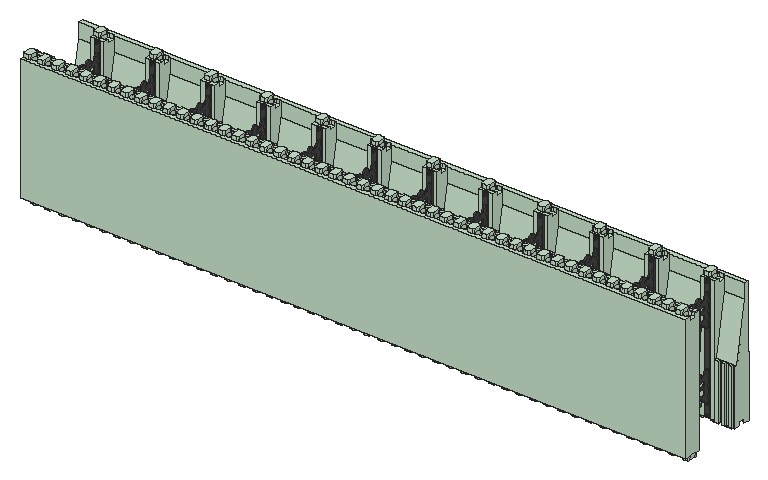
Revit family (continued)
Automatic sketch dimensions
  Extrusion 94 sketch curve to Extrusion 94 sketch curve = 0' - 0.17083"
  Extrusion 94 sketch curve to Extrusion 94 sketch curve = 0' - 0.01665"
  Extrusion 94 sketch curve to Extrusion 94 sketch curve = 0' - 0.14808"
  Extrusion 94 sketch curve to Extrusion 94 sketch curve = 0' - 0.33686"
  Extrusion 94 sketch curve to Extrusion 94 sketch curve = 0' - 0.2216"
  plane 8 to Extrusion 95 sketch curve = 0' - 0.72692"
  plane 4 to Extrusion 95 sketch curve = 2' - 5"
  Extrusion 95 sketch curve to Extrusion 95 sketch curve = 0' - 0.17308"  (x2)
  Extrusion 95 sketch curve to Extrusion 95 sketch curve = 0' - 0"  (x5)
  Extrusion 95 sketch curve to Extrusion 95 sketch curve = 0' - 0 1/4"  (x4)
  Extrusion 95 sketch curve to Extrusion 95 sketch curve = 0' - 0.07692"  (x2)
  Extrusion 95 sketch curve to Extrusion 95 sketch curve = 0' - 0.17323"
  Extrusion 95 sketch curve to Extrusion 95 sketch curve = 0' - 0.01019"
  Extrusion 95 sketch curve to Extrusion 95 sketch curve = 0' - 0.07677"
  Extrusion 95 sketch curve to Extrusion 95 sketch curve = 0' - 0.17083"
  Extrusion 95 sketch curve to Extrusion 95 sketch curve = 0' - 0.01665"
  Extrusion 95 sketch curve to Extrusion 95 sketch curve = 0' - 0.14808"
  Extrusion 95 sketch curve to Extrusion 95 sketch curve = 0' - 0.33686"
  Extrusion 95 sketch curve to Extrusion 95 sketch curve = 0' - 0.2216"
  plane 8 to Extrusion 96 sketch curve = 0' - 0.72692"
  plane 4 to Extrusion 96 sketch curve = 2' - 3"
  Extrusion 96 sketch curve to Extrusion 96 sketch curve = 0' - 0.17308"  (x2)
  Extrusion 96 sketch curve to Extrusion 96 sketch curve = 0' - 0"  (x5)
  Extrusion 96 sketch curve to Extrusion 96 sketch curve = 0' - 0 1/4"  (x4)
  Extrusion 96 sketch curve to Extrusion 96 sketch curve = 0' - 0.07692"  (x2)
  Extrusion 96 sketch curve to Extrusion 96 sketch curve = 0' - 0.17323"
  Extrusion 96 sketch curve to Extrusion 96 sketch curve = 0' - 0.01019"
  Extrusion 96 sketch curve to Extrusion 96 sketch curve = 0' - 0.07677"
  Extrusion 96 sketch curve to Extrusion 96 sketch curve = 0' - 0.17083"
  Extrusion 96 sketch curve to Extrusion 96 sketch curve = 0' - 0.01665"
  Extrusion 96 sketch curve to Extrusion 96 sketch curve = 0' - 0.14808"
  Extrusion 96 sketch curve to Extrusion 96 sketch curve = 0' - 0.33686"
  Extrusion 96 sketch curve to Extrusion 96 sketch curve = 0' - 0.2216"
  plane 8 to Extrusion 97 sketch curve = 0' - 0.72692"
  plane 4 to Extrusion 97 sketch curve = 2' - 1"
  Extrusion 97 sketch curve to Extrusion 97 sketch curve = 0' - 0.17308"  (x2)
  Extrusion 97 sketch curve to Extrusion 97 sketch curve = 0' - 0"  (x5)
  Extrusion 97 sketch curve to Extrusion 97 sketch curve = 0' - 0 1/4"  (x4)
  Extrusion 97 sketch curve to Extrusion 97 sketch curve = 0' - 0.07692"  (x2)
  Extrusion 97 sketch curve to Extrusion 97 sketch curve = 0' - 0.17323"
  Extrusion 97 sketch curve to Extrusion 97 sketch curve = 0' - 0.01019"
  Extrusion 97 sketch curve to Extrusion 97 sketch curve = 0' - 0.07677"
  Extrusion 97 sketch curve to Extrusion 97 sketch curve = 0' - 0.17083"
  Extrusion 97 sketch curve to Extrusion 97 sketch curve = 0' - 0.01665"
  Extrusion 97 sketch curve to Extrusion 97 sketch curve = 0' - 0.14808"
  Extrusion 97 sketch curve to Extrusion 97 sketch curve = 0' - 0.33686"
  Extrusion 97 sketch curve to Extrusion 97 sketch curve = 0' - 0.2216"
  plane 8 to Extrusion 98 sketch curve = 0' - 0.72692"
  plane 4 to Extrusion 98 sketch curve = 1' - 11"
  Extrusion 98 sketch curve to Extrusion 98 sketch curve = 0' - 0.17308"  (x2)
  Extrusion 98 sketch curve to Extrusion 98 sketch curve = 0' - 0"  (x5)
  Extrusion 98 sketch curve to Extrusion 98 sketch curve = 0' - 0 1/4"  (x4)
  Extrusion 98 sketch curve to Extrusion 98 sketch curve = 0' - 0.07692"  (x2)
  Extrusion 98 sketch curve to Extrusion 98 sketch curve = 0' - 0.17323"
  Extrusion 98 sketch curve to Extrusion 98 sketch curve = 0' - 0.01019"
  Extrusion 98 sketch curve to Extrusion 98 sketch curve = 0' - 0.07677"
  Extrusion 98 sketch curve to Extrusion 98 sketch curve = 0' - 0.17083"
  Extrusion 98 sketch curve to Extrusion 98 sketch curve = 0' - 0.01665"
  Extrusion 98 sketch curve to Extrusion 98 sketch curve = 0' - 0.14808"
  Extrusion 98 sketch curve to Extrusion 98 sketch curve = 0' - 0.33686"
  Extrusion 98 sketch curve to Extrusion 98 sketch curve = 0' - 0.2216"
  plane 8 to Extrusion 99 sketch curve = 0' - 0.72692"
  plane 4 to Extrusion 99 sketch curve = 1' - 9"
  Extrusion 99 sketch curve to Extrusion 99 sketch curve = 0' - 0.17308"  (x2)
  Extrusion 99 sketch curve to Extrusion 99 sketch curve = 0' - 0"  (x5)
  Extrusion 99 sketch curve to Extrusion 99 sketch curve = 0' - 0 1/4"  (x4)
  Extrusion 99 sketch curve to Extrusion 99 sketch curve = 0' - 0.07692"  (x2)
  Extrusion 99 sketch curve to Extrusion 99 sketch curve = 0' - 0.17323"
  Extrusion 99 sketch curve to Extrusion 99 sketch curve = 0' - 0.01019"
  Extrusion 99 sketch curve to Extrusion 99 sketch curve = 0' - 0.07677"
  Extrusion 99 sketch curve to Extrusion 99 sketch curve = 0' - 0.17083"
  Extrusion 99 sketch curve to Extrusion 99 sketch curve = 0' - 0.01665"
  Extrusion 99 sketch curve to Extrusion 99 sketch curve = 0' - 0.14808"
  Extrusion 99 sketch curve to Extrusion 99 sketch curve = 0' - 0.33686"
  Extrusion 99 sketch curve to Extrusion 99 sketch curve = 0' - 0.2216"
  plane 8 to Extrusion 100 sketch curve = 0' - 0.72692"
  plane 4 to Extrusion 100 sketch curve = 1' - 7"
  Extrusion 100 sketch curve to Extrusion 100 sketch curve = 0' - 0.17308"  (x2)
  Extrusion 100 sketch curve to Extrusion 100 sketch curve = 0' - 0"  (x5)
  Extrusion 100 sketch curve to Extrusion 100 sketch curve = 0' - 0 1/4"  (x4)
  Extrusion 100 sketch curve to Extrusion 100 sketch curve = 0' - 0.07692"  (x2)
  Extrusion 100 sketch curve to Extrusion 100 sketch curve = 0' - 0.17323"
  Extrusion 100 sketch curve to Extrusion 100 sketch curve = 0' - 0.01019"
  Extrusion 100 sketch curve to Extrusion 100 sketch curve = 0' - 0.07677"
  Extrusion 100 sketch curve to Extrusion 100 sketch curve = 0' - 0.17083"
  Extrusion 100 sketch curve to Extrusion 100 sketch curve = 0' - 0.01665"
  Extrusion 100 sketch curve to Extrusion 100 sketch curve = 0' - 0.14808"
  Extrusion 100 sketch curve to Extrusion 100 sketch curve = 0' - 0.33686"
  Extrusion 100 sketch curve to Extrusion 100 sketch curve = 0' - 0.2216"
  plane 8 to Extrusion 101 sketch curve = 0' - 0.72692"
  plane 4 to Extrusion 101 sketch curve = 1' - 5"
  Extrusion 101 sketch curve to Extrusion 101 sketch curve = 0' - 0.17308"  (x2)
  Extrusion 101 sketch curve to Extrusion 101 sketch curve = 0' - 0"  (x5)
  Extrusion 101 sketch curve to Extrusion 101 sketch curve = 0' - 0 1/4"  (x4)
  Extrusion 101 sketch curve to Extrusion 101 sketch curve = 0' - 0.07692"  (x2)
  Extrusion 101 sketch curve to Extrusion 101 sketch curve = 0' - 0.17323"
  Extrusion 101 sketch curve to Extrusion 101 sketch curve = 0' - 0.01019"
  Extrusion 101 sketch curve to Extrusion 101 sketch curve = 0' - 0.07677"
  Extrusion 101 sketch curve to Extrusion 101 sketch curve = 0' - 0.17083"
  Extrusion 101 sketch curve to Extrusion 101 sketch curve = 0' - 0.01665"
  Extrusion 101 sketch curve to Extrusion 101 sketch curve = 0' - 0.14808"
  Extrusion 101 sketch curve to Extrusion 101 sketch curve = 0' - 0.33686"
  Extrusion 101 sketch curve to Extrusion 101 sketch curve = 0' - 0.2216"
  plane 8 to Extrusion 102 sketch curve = 0' - 0.72692"
  plane 4 to Extrusion 102 sketch curve = 1' - 3"
  Extrusion 102 sketch curve to Extrusion 102 sketch curve = 0' - 0.17308"  (x2)
  Extrusion 102 sketch curve to Extrusion 102 sketch curve = 0' - 0"  (x5)
  Extrusion 102 sketch curve to Extrusion 102 sketch curve = 0' - 0.07692"  (x3)
  Extrusion 102 sketch curve to Extrusion 102 sketch curve = 0' - 0 1/4"  (x3)
  Extrusion 102 sketch curve to Extrusion 102 sketch curve = 0' - 0.17323"
  Extrusion 102 sketch curve to Extrusion 102 sketch curve = 0' - 0.01019"
  Extrusion 102 sketch curve to Extrusion 102 sketch curve = 0' - 0.07677"
  Extrusion 102 sketch curve to Extrusion 102 sketch curve = 0' - 0.17083"
  Extrusion 102 sketch curve to Extrusion 102 sketch curve = 0' - 0.01665"
  Extrusion 102 sketch curve to Extrusion 102 sketch curve = 0' - 0.14808"
  Extrusion 102 sketch curve to Extrusion 102 sketch curve = 0' - 0.33686"
  Extrusion 102 sketch curve to Extrusion 102 sketch curve = 0' - 0.2216"
  plane 8 to Extrusion 103 sketch curve = 0' - 0.72692"
  plane 4 to Extrusion 103 sketch curve = 1' - 1"
  Extrusion 103 sketch curve to Extrusion 103 sketch curve = 0' - 0.17308"  (x2)
  Extrusion 103 sketch curve to Extrusion 103 sketch curve = 0' - 0"  (x5)
  Extrusion 103 sketch curve to Extrusion 103 sketch curve = 0' - 0 1/4"  (x4)
  Extrusion 103 sketch curve to Extrusion 103 sketch curve = 0' - 0.07692"  (x2)
  Extrusion 103 sketch curve to Extrusion 103 sketch curve = 0' - 0.17323"
  Extrusion 103 sketch curve to Extrusion 103 sketch curve = 0' - 0.01019"
  Extrusion 103 sketch curve to Extrusion 103 sketch curve = 0' - 0.07677"
  Extrusion 103 sketch curve to Extrusion 103 sketch curve = 0' - 0.17083"
  Extrusion 103 sketch curve to Extrusion 103 sketch curve = 0' - 0.01665"
  Extrusion 103 sketch curve to Extrusion 103 sketch curve = 0' - 0.14808"
  Extrusion 103 sketch curve to Extrusion 103 sketch curve = 0' - 0.33686"
  Extrusion 103 sketch curve to Extrusion 103 sketch curve = 0' - 0.2216"
  plane 8 to Extrusion 104 sketch curve = 0' - 0.72692"
  plane 4 to Extrusion 104 sketch curve = 0' - 11"
  Extrusion 104 sketch curve to Extrusion 104 sketch curve = 0' - 0.17308"  (x2)
  Extrusion 104 sketch curve to Extrusion 104 sketch curve = 0' - 0"  (x5)
  Extrusion 104 sketch curve to Extrusion 104 sketch curve = 0' - 0 1/4"  (x4)
  Extrusion 104 sketch curve to Extrusion 104 sketch curve = 0' - 0.07692"  (x2)
  Extrusion 104 sketch curve to Extrusion 104 sketch curve = 0' - 0.17323"
  Extrusion 104 sketch curve to Extrusion 104 sketch curve = 0' - 0.01019"
  Extrusion 104 sketch curve to Extrusion 104 sketch curve = 0' - 0.07677"
  Extrusion 104 sketch curve to Extrusion 104 sketch curve = 0' - 0.17083"
  Extrusion 104 sketch curve to Extrusion 104 sketch curve = 0' - 0.01665"
  Extrusion 104 sketch curve to Extrusion 104 sketch curve = 0' - 0.14808"
  Extrusion 104 sketch curve to Extrusion 104 sketch curve = 0' - 0.33686"
  Extrusion 104 sketch curve to Extrusion 104 sketch curve = 0' - 0.2216"
  plane 8 to Extrusion 105 sketch curve = 0' - 0.72692"
  plane 4 to Extrusion 105 sketch curve = 0' - 9"
  Extrusion 105 sketch curve to Extrusion 105 sketch curve = 0' - 0.17308"  (x2)
  Extrusion 105 sketch curve to Extrusion 105 sketch curve = 0' - 0"  (x5)
  Extrusion 105 sketch curve to Extrusion 105 sketch curve = 0' - 0 1/4"  (x4)
  Extrusion 105 sketch curve to Extrusion 105 sketch curve = 0' - 0.07692"  (x2)
  Extrusion 105 sketch curve to Extrusion 105 sketch curve = 0' - 0.17323"
  Extrusion 105 sketch curve to Extrusion 105 sketch curve = 0' - 0.01019"
  Extrusion 105 sketch curve to Extrusion 105 sketch curve = 0' - 0.07677"
  Extrusion 105 sketch curve to Extrusion 105 sketch curve = 0' - 0.17083"
  Extrusion 105 sketch curve to Extrusion 105 sketch curve = 0' - 0.01665"
  Extrusion 105 sketch curve to Extrusion 105 sketch curve = 0' - 0.14808"
  Extrusion 105 sketch curve to Extrusion 105 sketch curve = 0' - 0.33686"
  Extrusion 105 sketch curve to Extrusion 105 sketch curve = 0' - 0.2216"
  plane 8 to Extrusion 106 sketch curve = 0' - 0.72692"
  plane 4 to Extrusion 106 sketch curve = 0' - 7"
  Extrusion 106 sketch curve to Extrusion 106 sketch curve = 0' - 0.17308"  (x2)
  Extrusion 106 sketch curve to Extrusion 106 sketch curve = 0' - 0"  (x5)
  Extrusion 106 sketch curve to Extrusion 106 sketch curve = 0' - 0 1/4"  (x4)
  Extrusion 106 sketch curve to Extrusion 106 sketch curve = 0' - 0.07692"  (x2)
  Extrusion 106 sketch curve to Extrusion 106 sketch curve = 0' - 0.17323"
  Extrusion 106 sketch curve to Extrusion 106 sketch curve = 0' - 0.01019"
  Extrusion 106 sketch curve to Extrusion 106 sketch curve = 0' - 0.07677"
  Extrusion 106 sketch curve to Extrusion 106 sketch curve = 0' - 0.17083"
  Extrusion 106 sketch curve to Extrusion 106 sketch curve = 0' - 0.01665"
  Extrusion 106 sketch curve to Extrusion 106 sketch curve = 0' - 0.14808"
  Extrusion 106 sketch curve to Extrusion 106 sketch curve = 0' - 0.33686"
  Extrusion 106 sketch curve to Extrusion 106 sketch curve = 0' - 0.2216"
  plane 8 to Extrusion 107 sketch curve = 0' - 0.72692"
  plane 4 to Extrusion 107 sketch curve = 0' - 5"
  Extrusion 107 sketch curve to Extrusion 107 sketch curve = 0' - 0.17308"  (x2)
  Extrusion 107 sketch curve to Extrusion 107 sketch curve = 0' - 0"  (x5)
  Extrusion 107 sketch curve to Extrusion 107 sketch curve = 0' - 0 1/4"  (x4)
  Extrusion 107 sketch curve to Extrusion 107 sketch curve = 0' - 0.07692"  (x2)
  Extrusion 107 sketch curve to Extrusion 107 sketch curve = 0' - 0.17323"
  Extrusion 107 sketch curve to Extrusion 107 sketch curve = 0' - 0.01019"
  Extrusion 107 sketch curve to Extrusion 107 sketch curve = 0' - 0.07677"
  Extrusion 107 sketch curve to Extrusion 107 sketch curve = 0' - 0.17083"
  Extrusion 107 sketch curve to Extrusion 107 sketch curve = 0' - 0.01665"
  Extrusion 107 sketch curve to Extrusion 107 sketch curve = 0' - 0.14808"
  Extrusion 107 sketch curve to Extrusion 107 sketch curve = 0' - 0.33686"
  Extrusion 107 sketch curve to Extrusion 107 sketch curve = 0' - 0.2216"
  plane 8 to Extrusion 108 sketch curve = 0' - 0.72692"
  plane 4 to Extrusion 108 sketch curve = 0' - 3"
  Extrusion 108 sketch curve to Extrusion 108 sketch curve = 0' - 0.17308"  (x2)
  Extrusion 108 sketch curve to Extrusion 108 sketch curve = 0' - 0"  (x5)
  Extrusion 108 sketch curve to Extrusion 108 sketch curve = 0' - 0 1/4"  (x4)
  Extrusion 108 sketch curve to Extrusion 108 sketch curve = 0' - 0.07692"  (x2)
  Extrusion 108 sketch curve to Extrusion 108 sketch curve = 0' - 0.17323"
  Extrusion 108 sketch curve to Extrusion 108 sketch curve = 0' - 0.01019"
  Extrusion 108 sketch curve to Extrusion 108 sketch curve = 0' - 0.07677"
  Extrusion 108 sketch curve to Extrusion 108 sketch curve = 0' - 0.17083"
  Extrusion 108 sketch curve to Extrusion 108 sketch curve = 0' - 0.01665"
  Extrusion 108 sketch curve to Extrusion 108 sketch curve = 0' - 0.14808"
  Extrusion 108 sketch curve to Extrusion 108 sketch curve = 0' - 0.33686"
  Extrusion 108 sketch curve to Extrusion 108 sketch curve = 0' - 0.2216"
  plane 4 to Extrusion 109 sketch curve = 0' - 1"
  Extrusion 109 sketch curve to Extrusion 109 sketch curve = 0' - 0.17308"  (x2)
  Extrusion 109 sketch curve to Extrusion 109 sketch curve = 0' - 0"  (x5)
  Extrusion 109 sketch curve to Extrusion 109 sketch curve = 0' - 0 1/4"  (x4)
  Extrusion 109 sketch curve to Extrusion 109 sketch curve = 0' - 0.07692"  (x2)
  Extrusion 109 sketch curve to Extrusion 109 sketch curve = 0' - 0.17323"
  Extrusion 109 sketch curve to Extrusion 109 sketch curve = 0' - 0.01019"
  Extrusion 109 sketch curve to Extrusion 109 sketch curve = 0' - 0.07677"
  Extrusion 109 sketch curve to Extrusion 109 sketch curve = 0' - 0.17083"
  Extrusion 109 sketch curve to Extrusion 109 sketch curve = 0' - 0.01665"
  plane 8 to Extrusion 109 sketch curve = 0' - 0.48905"
  Extrusion 109 sketch curve to Extrusion 109 sketch curve = 0' - 0.14808"
  Extrusion 109 sketch curve to Extrusion 109 sketch curve = 0' - 0.33686"
  Extrusion 109 sketch curve to Extrusion 109 sketch curve = 0' - 0.2216"
  Extrusion 110 sketch curve to plane 4 = 0' - 0"
  plane 4 to Extrusion 110 sketch curve = 0' - 0.02075"
  Extrusion 110 sketch curve to Extrusion 110 sketch curve = 0' - 0.04585"
  Extrusion 110 sketch curve to Extrusion 110 sketch curve = 0' - 0"  (x4)
  Extrusion 110 sketch curve to Extrusion 110 sketch curve = 0' - 0.01665"
  plane 4 to Extrusion 110 sketch curve = 0' - 0.17308"
  Extrusion 110 sketch curve to Extrusion 110 sketch curve = 0' - 0 1/4"  (x5)
  Extrusion 110 sketch curve to Extrusion 110 sketch curve = 0' - 0.17083"
  Extrusion 110 sketch curve to Extrusion 110 sketch curve = 0' - 0 1/16"
  Extrusion 110 sketch curve to Extrusion 110 sketch curve = 0' - 0.01019"
  Extrusion 110 sketch curve to Extrusion 110 sketch curve = 0' - 0.07692"  (x2)
  Extrusion 110 sketch curve to plane 7 = 0' - 0.48905"
  Extrusion 110 sketch curve to Extrusion 110 sketch curve = 0' - 0.14808"
  Extrusion 110 sketch curve to Extrusion 110 sketch curve = 0' - 0.33686"
  Extrusion 110 sketch curve to Extrusion 110 sketch curve = 0' - 0.2216"
  Extrusion 111 sketch curve to plane 7 = 0' - 0.72692"
  plane 4 to Extrusion 111 sketch curve = 0' - 3"
  Extrusion 111 sketch curve to Extrusion 111 sketch curve = 0' - 0.17308"  (x2)
  Extrusion 111 sketch curve to Extrusion 111 sketch curve = 0' - 0"  (x5)
  Extrusion 111 sketch curve to Extrusion 111 sketch curve = 0' - 0 1/4"  (x4)
  Extrusion 111 sketch curve to Extrusion 111 sketch curve = 0' - 0.07692"  (x2)
  Extrusion 111 sketch curve to Extrusion 111 sketch curve = 0' - 0.17323"
  Extrusion 111 sketch curve to Extrusion 111 sketch curve = 0' - 0.01019"
  Extrusion 111 sketch curve to Extrusion 111 sketch curve = 0' - 0.07677"
  Extrusion 111 sketch curve to Extrusion 111 sketch curve = 0' - 0.17083"
  Extrusion 111 sketch curve to Extrusion 111 sketch curve = 0' - 0.01665"
  Extrusion 111 sketch curve to Extrusion 111 sketch curve = 0' - 0.14808"
  Extrusion 111 sketch curve to Extrusion 111 sketch curve = 0' - 0.33686"
  Extrusion 111 sketch curve to Extrusion 111 sketch curve = 0' - 0.2216"
  Extrusion 112 sketch curve to plane 7 = 0' - 0.72692"
  plane 4 to Extrusion 112 sketch curve = 0' - 5"
  Extrusion 112 sketch curve to Extrusion 112 sketch curve = 0' - 0.17308"  (x2)
  Extrusion 112 sketch curve to Extrusion 112 sketch curve = 0' - 0"  (x5)
  Extrusion 112 sketch curve to Extrusion 112 sketch curve = 0' - 0 1/4"  (x5)
  Extrusion 112 sketch curve to Extrusion 112 sketch curve = 0' - 0.17323"
  Extrusion 112 sketch curve to Extrusion 112 sketch curve = 0' - 0.01019"
  Extrusion 112 sketch curve to Extrusion 112 sketch curve = 0' - 0.07677"
  Extrusion 112 sketch curve to Extrusion 112 sketch curve = 0' - 0.07692"
  Extrusion 112 sketch curve to Extrusion 112 sketch curve = 0' - 0.17083"
  Extrusion 112 sketch curve to Extrusion 112 sketch curve = 0' - 0.01665"
  Extrusion 112 sketch curve to Extrusion 112 sketch curve = 0' - 0.14808"
  Extrusion 112 sketch curve to Extrusion 112 sketch curve = 0' - 0.33686"
  Extrusion 112 sketch curve to Extrusion 112 sketch curve = 0' - 0.2216"
  Extrusion 113 sketch curve to plane 7 = 0' - 0.72692"
  plane 4 to Extrusion 113 sketch curve = 0' - 7"
  Extrusion 113 sketch curve to Extrusion 113 sketch curve = 0' - 0.17308"  (x2)
  Extrusion 113 sketch curve to Extrusion 113 sketch curve = 0' - 0"  (x5)
  Extrusion 113 sketch curve to Extrusion 113 sketch curve = 0' - 0 1/4"  (x5)
  Extrusion 113 sketch curve to Extrusion 113 sketch curve = 0' - 0.17323"
  Extrusion 113 sketch curve to Extrusion 113 sketch curve = 0' - 0.01019"
  Extrusion 113 sketch curve to Extrusion 113 sketch curve = 0' - 0.07677"
  Extrusion 113 sketch curve to Extrusion 113 sketch curve = 0' - 0.07692"
  Extrusion 113 sketch curve to Extrusion 113 sketch curve = 0' - 0.17083"
  Extrusion 113 sketch curve to Extrusion 113 sketch curve = 0' - 0.01665"
  Extrusion 113 sketch curve to Extrusion 113 sketch curve = 0' - 0.14808"
  Extrusion 113 sketch curve to Extrusion 113 sketch curve = 0' - 0.33686"
  Extrusion 113 sketch curve to Extrusion 113 sketch curve = 0' - 0.2216"
  Extrusion 114 sketch curve to plane 7 = 0' - 0.72692"
  plane 4 to Extrusion 114 sketch curve = 0' - 9"
  Extrusion 114 sketch curve to Extrusion 114 sketch curve = 0' - 0.17308"  (x2)
  Extrusion 114 sketch curve to Extrusion 114 sketch curve = 0' - 0"  (x5)
  Extrusion 114 sketch curve to Extrusion 114 sketch curve = 0' - 0 1/4"  (x5)
  Extrusion 114 sketch curve to Extrusion 114 sketch curve = 0' - 0.17323"
  Extrusion 114 sketch curve to Extrusion 114 sketch curve = 0' - 0.01019"
  Extrusion 114 sketch curve to Extrusion 114 sketch curve = 0' - 0.07677"
  Extrusion 114 sketch curve to Extrusion 114 sketch curve = 0' - 0.07692"
  Extrusion 114 sketch curve to Extrusion 114 sketch curve = 0' - 0.17083"
  Extrusion 114 sketch curve to Extrusion 114 sketch curve = 0' - 0.01665"
  Extrusion 114 sketch curve to Extrusion 114 sketch curve = 0' - 0.14808"
  Extrusion 114 sketch curve to Extrusion 114 sketch curve = 0' - 0.33686"
  Extrusion 114 sketch curve to Extrusion 114 sketch curve = 0' - 0.2216"
  Extrusion 115 sketch curve to plane 7 = 0' - 0.72692"
  plane 4 to Extrusion 115 sketch curve = 0' - 11"
  Extrusion 115 sketch curve to Extrusion 115 sketch curve = 0' - 0.17308"  (x2)
  Extrusion 115 sketch curve to Extrusion 115 sketch curve = 0' - 0"  (x5)
  Extrusion 115 sketch curve to Extrusion 115 sketch curve = 0' - 0 1/4"  (x4)
  Extrusion 115 sketch curve to Extrusion 115 sketch curve = 0' - 0.07692"  (x2)
  Extrusion 115 sketch curve to Extrusion 115 sketch curve = 0' - 0.17323"
  Extrusion 115 sketch curve to Extrusion 115 sketch curve = 0' - 0.01019"
  Extrusion 115 sketch curve to Extrusion 115 sketch curve = 0' - 0.07677"
  Extrusion 115 sketch curve to Extrusion 115 sketch curve = 0' - 0.17083"
  Extrusion 115 sketch curve to Extrusion 115 sketch curve = 0' - 0.01665"
  Extrusion 115 sketch curve to Extrusion 115 sketch curve = 0' - 0.14808"
  Extrusion 115 sketch curve to Extrusion 115 sketch curve = 0' - 0.33686"
  Extrusion 115 sketch curve to Extrusion 115 sketch curve = 0' - 0.2216"
  Extrusion 116 sketch curve to plane 7 = 0' - 0.72692"
  plane 4 to Extrusion 116 sketch curve = 1' - 1"
  Extrusion 116 sketch curve to Extrusion 116 sketch curve = 0' - 0.17308"  (x2)
  Extrusion 116 sketch curve to Extrusion 116 sketch curve = 0' - 0"  (x5)
  Extrusion 116 sketch curve to Extrusion 116 sketch curve = 0' - 0 1/4"  (x5)
  Extrusion 116 sketch curve to Extrusion 116 sketch curve = 0' - 0.17323"
  Extrusion 116 sketch curve to Extrusion 116 sketch curve = 0' - 0.01019"
  Extrusion 116 sketch curve to Extrusion 116 sketch curve = 0' - 0.07677"
  Extrusion 116 sketch curve to Extrusion 116 sketch curve = 0' - 0.07692"
  Extrusion 116 sketch curve to Extrusion 116 sketch curve = 0' - 0.17083"
  Extrusion 116 sketch curve to Extrusion 116 sketch curve = 0' - 0.01665"
  Extrusion 116 sketch curve to Extrusion 116 sketch curve = 0' - 0.14808"
  Extrusion 116 sketch curve to Extrusion 116 sketch curve = 0' - 0.33686"
  Extrusion 116 sketch curve to Extrusion 116 sketch curve = 0' - 0.2216"
  Extrusion 117 sketch curve to plane 7 = 0' - 0.72692"
  plane 4 to Extrusion 117 sketch curve = 1' - 3"
  Extrusion 117 sketch curve to Extrusion 117 sketch curve = 0' - 0.17308"  (x2)
  Extrusion 117 sketch curve to Extrusion 117 sketch curve = 0' - 0"  (x5)
  Extrusion 117 sketch curve to Extrusion 117 sketch curve = 0' - 0 1/4"  (x4)
  Extrusion 117 sketch curve to Extrusion 117 sketch curve = 0' - 0.07692"  (x2)
  Extrusion 117 sketch curve to Extrusion 117 sketch curve = 0' - 0.17323"
  Extrusion 117 sketch curve to Extrusion 117 sketch curve = 0' - 0.01019"
  Extrusion 117 sketch curve to Extrusion 117 sketch curve = 0' - 0.07677"
  Extrusion 117 sketch curve to Extrusion 117 sketch curve = 0' - 0.17083"
  Extrusion 117 sketch curve to Extrusion 117 sketch curve = 0' - 0.01665"
  Extrusion 117 sketch curve to Extrusion 117 sketch curve = 0' - 0.14808"
  Extrusion 117 sketch curve to Extrusion 117 sketch curve = 0' - 0.33686"
  Extrusion 117 sketch curve to Extrusion 117 sketch curve = 0' - 0.2216"
  Extrusion 118 sketch curve to plane 7 = 0' - 0.72692"
  plane 4 to Extrusion 118 sketch curve = 1' - 5"
  Extrusion 118 sketch curve to Extrusion 118 sketch curve = 0' - 0.17308"  (x2)
  Extrusion 118 sketch curve to Extrusion 118 sketch curve = 0' - 0"  (x5)
  Extrusion 118 sketch curve to Extrusion 118 sketch curve = 0' - 0 1/4"  (x5)
  Extrusion 118 sketch curve to Extrusion 118 sketch curve = 0' - 0.17323"
  Extrusion 118 sketch curve to Extrusion 118 sketch curve = 0' - 0.01019"
  Extrusion 118 sketch curve to Extrusion 118 sketch curve = 0' - 0.07677"
  Extrusion 118 sketch curve to Extrusion 118 sketch curve = 0' - 0.07692"
  Extrusion 118 sketch curve to Extrusion 118 sketch curve = 0' - 0.17083"
  Extrusion 118 sketch curve to Extrusion 118 sketch curve = 0' - 0.01665"
  Extrusion 118 sketch curve to Extrusion 118 sketch curve = 0' - 0.14808"
  Extrusion 118 sketch curve to Extrusion 118 sketch curve = 0' - 0.33686"
  Extrusion 118 sketch curve to Extrusion 118 sketch curve = 0' - 0.2216"
  Extrusion 119 sketch curve to plane 7 = 0' - 0.72692"
  plane 4 to Extrusion 119 sketch curve = 1' - 7"
  Extrusion 119 sketch curve to Extrusion 119 sketch curve = 0' - 0.17308"  (x2)
  Extrusion 119 sketch curve to Extrusion 119 sketch curve = 0' - 0"  (x5)
  Extrusion 119 sketch curve to Extrusion 119 sketch curve = 0' - 0 1/4"  (x5)
  Extrusion 119 sketch curve to Extrusion 119 sketch curve = 0' - 0.17323"
  Extrusion 119 sketch curve to Extrusion 119 sketch curve = 0' - 0.01019"
  Extrusion 119 sketch curve to Extrusion 119 sketch curve = 0' - 0.07677"
  Extrusion 119 sketch curve to Extrusion 119 sketch curve = 0' - 0.07692"
  Extrusion 119 sketch curve to Extrusion 119 sketch curve = 0' - 0.17083"
  Extrusion 119 sketch curve to Extrusion 119 sketch curve = 0' - 0.01665"
  Extrusion 119 sketch curve to Extrusion 119 sketch curve = 0' - 0.14808"
  Extrusion 119 sketch curve to Extrusion 119 sketch curve = 0' - 0.33686"
  Extrusion 119 sketch curve to Extrusion 119 sketch curve = 0' - 0.2216"
  Extrusion 120 sketch curve to plane 7 = 0' - 0.72692"
  plane 4 to Extrusion 120 sketch curve = 1' - 9"
  Extrusion 120 sketch curve to Extrusion 120 sketch curve = 0' - 0.17308"  (x2)
  Extrusion 120 sketch curve to Extrusion 120 sketch curve = 0' - 0"  (x5)
  Extrusion 120 sketch curve to Extrusion 120 sketch curve = 0' - 0 1/4"  (x5)
  Extrusion 120 sketch curve to Extrusion 120 sketch curve = 0' - 0.17323"
  Extrusion 120 sketch curve to Extrusion 120 sketch curve = 0' - 0.01019"
  Extrusion 120 sketch curve to Extrusion 120 sketch curve = 0' - 0.07677"
  Extrusion 120 sketch curve to Extrusion 120 sketch curve = 0' - 0.07692"
  Extrusion 120 sketch curve to Extrusion 120 sketch curve = 0' - 0.17083"
  Extrusion 120 sketch curve to Extrusion 120 sketch curve = 0' - 0.01665"
  Extrusion 120 sketch curve to Extrusion 120 sketch curve = 0' - 0.14808"
  Extrusion 120 sketch curve to Extrusion 120 sketch curve = 0' - 0.33686"
  Extrusion 120 sketch curve to Extrusion 120 sketch curve = 0' - 0.2216"
  Extrusion 121 sketch curve to plane 7 = 0' - 0.72692"
  plane 4 to Extrusion 121 sketch curve = 1' - 11"
  Extrusion 121 sketch curve to Extrusion 121 sketch curve = 0' - 0.17308"  (x2)
  Extrusion 121 sketch curve to Extrusion 121 sketch curve = 0' - 0"  (x5)
  Extrusion 121 sketch curve to Extrusion 121 sketch curve = 0' - 0 1/4"  (x5)
  Extrusion 121 sketch curve to Extrusion 121 sketch curve = 0' - 0.17323"
  Extrusion 121 sketch curve to Extrusion 121 sketch curve = 0' - 0.01019"
  Extrusion 121 sketch curve to Extrusion 121 sketch curve = 0' - 0.07677"
  Extrusion 121 sketch curve to Extrusion 121 sketch curve = 0' - 0.07692"
  Extrusion 121 sketch curve to Extrusion 121 sketch curve = 0' - 0.17083"
  Extrusion 121 sketch curve to Extrusion 121 sketch curve = 0' - 0.01665"
  Extrusion 121 sketch curve to Extrusion 121 sketch curve = 0' - 0.14808"
  Extrusion 121 sketch curve to Extrusion 121 sketch curve = 0' - 0.33686"
  Extrusion 121 sketch curve to Extrusion 121 sketch curve = 0' - 0.2216"
  Extrusion 122 sketch curve to plane 7 = 0' - 0.72692"
  plane 4 to Extrusion 122 sketch curve = 2' - 1"
  Extrusion 122 sketch curve to Extrusion 122 sketch curve = 0' - 0.17308"  (x2)
  Extrusion 122 sketch curve to Extrusion 122 sketch curve = 0' - 0"  (x5)
  Extrusion 122 sketch curve to Extrusion 122 sketch curve = 0' - 0.07692"  (x2)
  Extrusion 122 sketch curve to Extrusion 122 sketch curve = 0' - 0 1/4"  (x4)
  Extrusion 122 sketch curve to Extrusion 122 sketch curve = 0' - 0.17323"
  Extrusion 122 sketch curve to Extrusion 122 sketch curve = 0' - 0.01019"
  Extrusion 122 sketch curve to Extrusion 122 sketch curve = 0' - 0.07677"
  Extrusion 122 sketch curve to Extrusion 122 sketch curve = 0' - 0.17083"
  Extrusion 122 sketch curve to Extrusion 122 sketch curve = 0' - 0.01665"
  Extrusion 122 sketch curve to Extrusion 122 sketch curve = 0' - 0.14808"
  Extrusion 122 sketch curve to Extrusion 122 sketch curve = 0' - 0.33686"
  Extrusion 122 sketch curve to Extrusion 122 sketch curve = 0' - 0.2216"
  Extrusion 123 sketch curve to plane 7 = 0' - 0.72692"
  plane 4 to Extrusion 123 sketch curve = 2' - 3"
  Extrusion 123 sketch curve to Extrusion 123 sketch curve = 0' - 0.17308"  (x2)
  Extrusion 123 sketch curve to Extrusion 123 sketch curve = 0' - 0"  (x5)
  Extrusion 123 sketch curve to Extrusion 123 sketch curve = 0' - 0 1/4"  (x4)
  Extrusion 123 sketch curve to Extrusion 123 sketch curve = 0' - 0.07692"  (x2)
  Extrusion 123 sketch curve to Extrusion 123 sketch curve = 0' - 0.17323"
  Extrusion 123 sketch curve to Extrusion 123 sketch curve = 0' - 0.01019"
  Extrusion 123 sketch curve to Extrusion 123 sketch curve = 0' - 0.07677"
  Extrusion 123 sketch curve to Extrusion 123 sketch curve = 0' - 0.17083"
  Extrusion 123 sketch curve to Extrusion 123 sketch curve = 0' - 0.01665"
  Extrusion 123 sketch curve to Extrusion 123 sketch curve = 0' - 0.14808"
  Extrusion 123 sketch curve to Extrusion 123 sketch curve = 0' - 0.33686"
  Extrusion 123 sketch curve to Extrusion 123 sketch curve = 0' - 0.2216"
  Extrusion 124 sketch curve to plane 7 = 0' - 0.72692"
  plane 4 to Extrusion 124 sketch curve = 2' - 5"
  Extrusion 124 sketch curve to Extrusion 124 sketch curve = 0' - 0.17308"  (x2)
  Extrusion 124 sketch curve to Extrusion 124 sketch curve = 0' - 0"  (x5)
  Extrusion 124 sketch curve to Extrusion 124 sketch curve = 0' - 0 1/4"  (x4)
  Extrusion 124 sketch curve to Extrusion 124 sketch curve = 0' - 0.07692"  (x2)
  Extrusion 124 sketch curve to Extrusion 124 sketch curve = 0' - 0.17323"
  Extrusion 124 sketch curve to Extrusion 124 sketch curve = 0' - 0.01019"
  Extrusion 124 sketch curve to Extrusion 124 sketch curve = 0' - 0.07677"
  Extrusion 124 sketch curve to Extrusion 124 sketch curve = 0' - 0.17083"
  Extrusion 124 sketch curve to Extrusion 124 sketch curve = 0' - 0.01665"
  Extrusion 124 sketch curve to Extrusion 124 sketch curve = 0' - 0.14808"
  Extrusion 124 sketch curve to Extrusion 124 sketch curve = 0' - 0.33686"
  Extrusion 124 sketch curve to Extrusion 124 sketch curve = 0' - 0.2216"
  Extrusion 125 sketch curve to plane 7 = 0' - 0.72692"
  plane 4 to Extrusion 125 sketch curve = 2' - 7"
  Extrusion 125 sketch curve to Extrusion 125 sketch curve = 0' - 0.17308"  (x2)
  Extrusion 125 sketch curve to Extrusion 125 sketch curve = 0' - 0"  (x5)
  Extrusion 125 sketch curve to Extrusion 125 sketch curve = 0' - 0 1/4"  (x5)
  Extrusion 125 sketch curve to Extrusion 125 sketch curve = 0' - 0.17323"
  Extrusion 125 sketch curve to Extrusion 125 sketch curve = 0' - 0.01019"
  Extrusion 125 sketch curve to Extrusion 125 sketch curve = 0' - 0.07677"
  Extrusion 125 sketch curve to Extrusion 125 sketch curve = 0' - 0.07692"
  Extrusion 125 sketch curve to Extrusion 125 sketch curve = 0' - 0.17083"
  Extrusion 125 sketch curve to Extrusion 125 sketch curve = 0' - 0.01665"
  Extrusion 125 sketch curve to Extrusion 125 sketch curve = 0' - 0.14808"
  Extrusion 125 sketch curve to Extrusion 125 sketch curve = 0' - 0.33686"
  Extrusion 125 sketch curve to Extrusion 125 sketch curve = 0' - 0.2216"
  Extrusion 126 sketch curve to plane 7 = 0' - 0.72692"
  plane 4 to Extrusion 126 sketch curve = 2' - 9"
  Extrusion 126 sketch curve to Extrusion 126 sketch curve = 0' - 0.17308"  (x2)
  Extrusion 126 sketch curve to Extrusion 126 sketch curve = 0' - 0"  (x5)
  Extrusion 126 sketch curve to Extrusion 126 sketch curve = 0' - 0 1/4"  (x4)
  Extrusion 126 sketch curve to Extrusion 126 sketch curve = 0' - 0.07692"  (x2)
  Extrusion 126 sketch curve to Extrusion 126 sketch curve = 0' - 0.17323"
  Extrusion 126 sketch curve to Extrusion 126 sketch curve = 0' - 0.01019"
  Extrusion 126 sketch curve to Extrusion 126 sketch curve = 0' - 0.07677"
  Extrusion 126 sketch curve to Extrusion 126 sketch curve = 0' - 0.17083"
  Extrusion 126 sketch curve to Extrusion 126 sketch curve = 0' - 0.01665"
  Extrusion 126 sketch curve to Extrusion 126 sketch curve = 0' - 0.14808"
  Extrusion 126 sketch curve to Extrusion 126 sketch curve = 0' - 0.33686"
  Extrusion 126 sketch curve to Extrusion 126 sketch curve = 0' - 0.2216"
  Extrusion 127 sketch curve to plane 7 = 0' - 0.72692"
  plane 4 to Extrusion 127 sketch curve = 2' - 11"
  Extrusion 127 sketch curve to Extrusion 127 sketch curve = 0' - 0.17308"  (x2)
  Extrusion 127 sketch curve to Extrusion 127 sketch curve = 0' - 0"  (x5)
  Extrusion 127 sketch curve to Extrusion 127 sketch curve = 0' - 0 1/4"  (x5)
  Extrusion 127 sketch curve to Extrusion 127 sketch curve = 0' - 0.17323"
  Extrusion 127 sketch curve to Extrusion 127 sketch curve = 0' - 0.01019"
  Extrusion 127 sketch curve to Extrusion 127 sketch curve = 0' - 0.07677"
  Extrusion 127 sketch curve to Extrusion 127 sketch curve = 0' - 0.07692"
  Extrusion 127 sketch curve to Extrusion 127 sketch curve = 0' - 0.17083"
  Extrusion 127 sketch curve to Extrusion 127 sketch curve = 0' - 0.01665"
  Extrusion 127 sketch curve to Extrusion 127 sketch curve = 0' - 0.14808"
  Extrusion 127 sketch curve to Extrusion 127 sketch curve = 0' - 0.33686"
  Extrusion 127 sketch curve to Extrusion 127 sketch curve = 0' - 0.2216"
  Extrusion 128 sketch curve to plane 7 = 0' - 0.72692"
  plane 4 to Extrusion 128 sketch curve = 3' - 1"
  Extrusion 128 sketch curve to Extrusion 128 sketch curve = 0' - 0.17308"  (x2)
  Extrusion 128 sketch curve to Extrusion 128 sketch curve = 0' - 0"  (x5)
  Extrusion 128 sketch curve to Extrusion 128 sketch curve = 0' - 0 1/4"  (x5)
  Extrusion 128 sketch curve to Extrusion 128 sketch curve = 0' - 0.17323"
  Extrusion 128 sketch curve to Extrusion 128 sketch curve = 0' - 0.01019"
  Extrusion 128 sketch curve to Extrusion 128 sketch curve = 0' - 0.07677"
  Extrusion 128 sketch curve to Extrusion 128 sketch curve = 0' - 0.07692"
  Extrusion 128 sketch curve to Extrusion 128 sketch curve = 0' - 0.17083"
  Extrusion 128 sketch curve to Extrusion 128 sketch curve = 0' - 0.01665"
  Extrusion 128 sketch curve to Extrusion 128 sketch curve = 0' - 0.14808"
  Extrusion 128 sketch curve to Extrusion 128 sketch curve = 0' - 0.33686"
  Extrusion 128 sketch curve to Extrusion 128 sketch curve = 0' - 0.2216"
  Extrusion 129 sketch curve to plane 7 = 0' - 0.72692"
  plane 4 to Extrusion 129 sketch curve = 3' - 3"
  Extrusion 129 sketch curve to Extrusion 129 sketch curve = 0' - 0.17308"  (x2)
  Extrusion 129 sketch curve to Extrusion 129 sketch curve = 0' - 0"  (x5)
  Extrusion 129 sketch curve to Extrusion 129 sketch curve = 0' - 0 1/4"  (x4)
  Extrusion 129 sketch curve to Extrusion 129 sketch curve = 0' - 0.07692"  (x2)
  Extrusion 129 sketch curve to Extrusion 129 sketch curve = 0' - 0.17323"
  Extrusion 129 sketch curve to Extrusion 129 sketch curve = 0' - 0.01019"
  Extrusion 129 sketch curve to Extrusion 129 sketch curve = 0' - 0.07677"
  Extrusion 129 sketch curve to Extrusion 129 sketch curve = 0' - 0.17083"
  Extrusion 129 sketch curve to Extrusion 129 sketch curve = 0' - 0.01665"
  Extrusion 129 sketch curve to Extrusion 129 sketch curve = 0' - 0.14808"
  Extrusion 129 sketch curve to Extrusion 129 sketch curve = 0' - 0.33686"
  Extrusion 129 sketch curve to Extrusion 129 sketch curve = 0' - 0.2216"
  Extrusion 130 sketch curve to plane 7 = 0' - 0.72692"
  plane 4 to Extrusion 130 sketch curve = 3' - 5"
  Extrusion 130 sketch curve to Extrusion 130 sketch curve = 0' - 0.17308"  (x2)
  Extrusion 130 sketch curve to Extrusion 130 sketch curve = 0' - 0"  (x5)
  Extrusion 130 sketch curve to Extrusion 130 sketch curve = 0' - 0 1/4"  (x4)
  Extrusion 130 sketch curve to Extrusion 130 sketch curve = 0' - 0.07692"  (x2)
  Extrusion 130 sketch curve to Extrusion 130 sketch curve = 0' - 0.17323"
  Extrusion 130 sketch curve to Extrusion 130 sketch curve = 0' - 0.01019"
  Extrusion 130 sketch curve to Extrusion 130 sketch curve = 0' - 0.07677"
  Extrusion 130 sketch curve to Extrusion 130 sketch curve = 0' - 0.17083"
  Extrusion 130 sketch curve to Extrusion 130 sketch curve = 0' - 0.01665"
  Extrusion 130 sketch curve to Extrusion 130 sketch curve = 0' - 0.14808"
  Extrusion 130 sketch curve to Extrusion 130 sketch curve = 0' - 0.33686"
  Extrusion 130 sketch curve to Extrusion 130 sketch curve = 0' - 0.2216"
  Extrusion 131 sketch curve to plane 7 = 0' - 0.72692"
  plane 4 to Extrusion 131 sketch curve = 3' - 7"
  Extrusion 131 sketch curve to Extrusion 131 sketch curve = 0' - 0.17308"  (x2)
  Extrusion 131 sketch curve to Extrusion 131 sketch curve = 0' - 0"  (x5)
  Extrusion 131 sketch curve to Extrusion 131 sketch curve = 0' - 0 1/4"  (x5)
  Extrusion 131 sketch curve to Extrusion 131 sketch curve = 0' - 0.17323"
  Extrusion 131 sketch curve to Extrusion 131 sketch curve = 0' - 0.01019"
  Extrusion 131 sketch curve to Extrusion 131 sketch curve = 0' - 0.07677"
  Extrusion 131 sketch curve to Extrusion 131 sketch curve = 0' - 0.07692"
  Extrusion 131 sketch curve to Extrusion 131 sketch curve = 0' - 0.17083"
  Extrusion 131 sketch curve to Extrusion 131 sketch curve = 0' - 0.01665"
  Extrusion 131 sketch curve to Extrusion 131 sketch curve = 0' - 0.14808"
  Extrusion 131 sketch curve to Extrusion 131 sketch curve = 0' - 0.33686"
  Extrusion 131 sketch curve to Extrusion 131 sketch curve = 0' - 0.2216"
  Extrusion 132 sketch curve to plane 7 = 0' - 0.72692"
  plane 4 to Extrusion 132 sketch curve = 3' - 9"
  Extrusion 132 sketch curve to Extrusion 132 sketch curve = 0' - 0.17308"  (x2)
  Extrusion 132 sketch curve to Extrusion 132 sketch curve = 0' - 0"  (x5)
  Extrusion 132 sketch curve to Extrusion 132 sketch curve = 0' - 0 1/4"  (x5)
  Extrusion 132 sketch curve to Extrusion 132 sketch curve = 0' - 0.17323"
  Extrusion 132 sketch curve to Extrusion 132 sketch curve = 0' - 0.01019"
  Extrusion 132 sketch curve to Extrusion 132 sketch curve = 0' - 0.07677"
  Extrusion 132 sketch curve to Extrusion 132 sketch curve = 0' - 0.07692"
  Extrusion 132 sketch curve to Extrusion 132 sketch curve = 0' - 0.17083"
  Extrusion 132 sketch curve to Extrusion 132 sketch curve = 0' - 0.01665"
  Extrusion 132 sketch curve to Extrusion 132 sketch curve = 0' - 0.14808"
  Extrusion 132 sketch curve to Extrusion 132 sketch curve = 0' - 0.33686"
  Extrusion 132 sketch curve to Extrusion 132 sketch curve = 0' - 0.2216"
  Extrusion 133 sketch curve to plane 7 = 0' - 0.72692"
  plane 4 to Extrusion 133 sketch curve = 3' - 11"
  Extrusion 133 sketch curve to Extrusion 133 sketch curve = 0' - 0.17308"  (x2)
  Extrusion 133 sketch curve to Extrusion 133 sketch curve = 0' - 0"  (x5)
  Extrusion 133 sketch curve to Extrusion 133 sketch curve = 0' - 0 1/4"  (x5)
  Extrusion 133 sketch curve to Extrusion 133 sketch curve = 0' - 0.17323"
  Extrusion 133 sketch curve to Extrusion 133 sketch curve = 0' - 0.01019"
  Extrusion 133 sketch curve to Extrusion 133 sketch curve = 0' - 0.07677"
  Extrusion 133 sketch curve to Extrusion 133 sketch curve = 0' - 0.07692"
  Extrusion 133 sketch curve to Extrusion 133 sketch curve = 0' - 0.17083"
  Extrusion 133 sketch curve to Extrusion 133 sketch curve = 0' - 0.01665"
  Extrusion 133 sketch curve to Extrusion 133 sketch curve = 0' - 0.14808"
  Extrusion 133 sketch curve to Extrusion 133 sketch curve = 0' - 0.33686"
  Extrusion 133 sketch curve to Extrusion 133 sketch curve = 0' - 0.2216"
  Extrusion 134 sketch curve to plane 7 = 0' - 0.72692"
  Extrusion 134 sketch curve to plane 3 "Center (Left/Right)" = 3' - 11"
  Extrusion 134 sketch curve to Extrusion 134 sketch curve = 0' - 0.17308"  (x2)
  Extrusion 134 sketch curve to Extrusion 134 sketch curve = 0' - 0"  (x5)
  Extrusion 134 sketch curve to Extrusion 134 sketch curve = 0' - 0 1/4"  (x4)
  Extrusion 134 sketch curve to Extrusion 134 sketch curve = 0' - 0.07692"  (x2)
  Extrusion 134 sketch curve to Extrusion 134 sketch curve = 0' - 0.17323"
  Extrusion 134 sketch curve to Extrusion 134 sketch curve = 0' - 0.01019"
  Extrusion 134 sketch curve to Extrusion 134 sketch curve = 0' - 0.07677"
  Extrusion 134 sketch curve to Extrusion 134 sketch curve = 0' - 0.17083"
  Extrusion 134 sketch curve to Extrusion 134 sketch curve = 0' - 0.01665"
  Extrusion 134 sketch curve to Extrusion 134 sketch curve = 0' - 0.14808"
  Extrusion 134 sketch curve to Extrusion 134 sketch curve = 0' - 0.33686"
  Extrusion 134 sketch curve to Extrusion 134 sketch curve = 0' - 0.2216"
  Extrusion 135 sketch curve to plane 7 = 0' - 0.72692"
  Extrusion 135 sketch curve to plane 3 "Center (Left/Right)" = 3' - 9"
  Extrusion 135 sketch curve to Extrusion 135 sketch curve = 0' - 0.17308"  (x2)
  Extrusion 135 sketch curve to Extrusion 135 sketch curve = 0' - 0"  (x5)
  Extrusion 135 sketch curve to Extrusion 135 sketch curve = 0' - 0 1/4"  (x5)
  Extrusion 135 sketch curve to Extrusion 135 sketch curve = 0' - 0.17323"
  Extrusion 135 sketch curve to Extrusion 135 sketch curve = 0' - 0.01019"
  Extrusion 135 sketch curve to Extrusion 135 sketch curve = 0' - 0.07677"
  Extrusion 135 sketch curve to Extrusion 135 sketch curve = 0' - 0.07692"
  Extrusion 135 sketch curve to Extrusion 135 sketch curve = 0' - 0.17083"
  Extrusion 135 sketch curve to Extrusion 135 sketch curve = 0' - 0.01665"
  Extrusion 135 sketch curve to Extrusion 135 sketch curve = 0' - 0.14808"
  Extrusion 135 sketch curve to Extrusion 135 sketch curve = 0' - 0.33686"
  Extrusion 135 sketch curve to Extrusion 135 sketch curve = 0' - 0.2216"
  Extrusion 136 sketch curve to plane 7 = 0' - 0.72692"
  Extrusion 136 sketch curve to plane 3 "Center (Left/Right)" = 3' - 7"
  Extrusion 136 sketch curve to Extrusion 136 sketch curve = 0' - 0.17308"  (x2)
  Extrusion 136 sketch curve to Extrusion 136 sketch curve = 0' - 0"  (x5)
  Extrusion 136 sketch curve to Extrusion 136 sketch curve = 0' - 0 1/4"  (x4)
  Extrusion 136 sketch curve to Extrusion 136 sketch curve = 0' - 0.07692"  (x2)
  Extrusion 136 sketch curve to Extrusion 136 sketch curve = 0' - 0.17323"
  Extrusion 136 sketch curve to Extrusion 136 sketch curve = 0' - 0.01019"
  Extrusion 136 sketch curve to Extrusion 136 sketch curve = 0' - 0.07677"
  Extrusion 136 sketch curve to Extrusion 136 sketch curve = 0' - 0.17083"
  Extrusion 136 sketch curve to Extrusion 136 sketch curve = 0' - 0.01665"
  Extrusion 136 sketch curve to Extrusion 136 sketch curve = 0' - 0.14808"
  Extrusion 136 sketch curve to Extrusion 136 sketch curve = 0' - 0.33686"
  Extrusion 136 sketch curve to Extrusion 136 sketch curve = 0' - 0.2216"
  Extrusion 137 sketch curve to plane 7 = 0' - 0.72692"
  Extrusion 137 sketch curve to plane 3 "Center (Left/Right)" = 3' - 5"
  Extrusion 137 sketch curve to Extrusion 137 sketch curve = 0' - 0.17308"  (x2)
  Extrusion 137 sketch curve to Extrusion 137 sketch curve = 0' - 0"  (x5)
  Extrusion 137 sketch curve to Extrusion 137 sketch curve = 0' - 0 1/4"  (x5)
  Extrusion 137 sketch curve to Extrusion 137 sketch curve = 0' - 0.17323"
  Extrusion 137 sketch curve to Extrusion 137 sketch curve = 0' - 0.01019"
  Extrusion 137 sketch curve to Extrusion 137 sketch curve = 0' - 0.07677"
  Extrusion 137 sketch curve to Extrusion 137 sketch curve = 0' - 0.07692"
  Extrusion 137 sketch curve to Extrusion 137 sketch curve = 0' - 0.17083"
  Extrusion 137 sketch curve to Extrusion 137 sketch curve = 0' - 0.01665"
  Extrusion 137 sketch curve to Extrusion 137 sketch curve = 0' - 0.14808"
  Extrusion 137 sketch curve to Extrusion 137 sketch curve = 0' - 0.33686"
  Extrusion 137 sketch curve to Extrusion 137 sketch curve = 0' - 0.2216"
  Extrusion 138 sketch curve to plane 7 = 0' - 0.72692"
  Extrusion 138 sketch curve to plane 3 "Center (Left/Right)" = 3' - 3"
  Extrusion 138 sketch curve to Extrusion 138 sketch curve = 0' - 0.17308"  (x2)
  Extrusion 138 sketch curve to Extrusion 138 sketch curve = 0' - 0"  (x5)
  Extrusion 138 sketch curve to Extrusion 138 sketch curve = 0' - 0 1/4"  (x5)
  Extrusion 138 sketch curve to Extrusion 138 sketch curve = 0' - 0.17323"
  Extrusion 138 sketch curve to Extrusion 138 sketch curve = 0' - 0.01019"
  Extrusion 138 sketch curve to Extrusion 138 sketch curve = 0' - 0.07677"
  Extrusion 138 sketch curve to Extrusion 138 sketch curve = 0' - 0.07692"
  Extrusion 138 sketch curve to Extrusion 138 sketch curve = 0' - 0.17083"
  Extrusion 138 sketch curve to Extrusion 138 sketch curve = 0' - 0.01665"
  Extrusion 138 sketch curve to Extrusion 138 sketch curve = 0' - 0.14808"
  Extrusion 138 sketch curve to Extrusion 138 sketch curve = 0' - 0.33686"
  Extrusion 138 sketch curve to Extrusion 138 sketch curve = 0' - 0.2216"
  Extrusion 139 sketch curve to plane 7 = 0' - 0.72692"
  Extrusion 139 sketch curve to plane 3 "Center (Left/Right)" = 3' - 1"
  Extrusion 139 sketch curve to Extrusion 139 sketch curve = 0' - 0.17308"  (x2)
  Extrusion 139 sketch curve to Extrusion 139 sketch curve = 0' - 0"  (x5)
  Extrusion 139 sketch curve to Extrusion 139 sketch curve = 0' - 0 1/4"  (x5)
  Extrusion 139 sketch curve to Extrusion 139 sketch curve = 0' - 0.17323"
  Extrusion 139 sketch curve to Extrusion 139 sketch curve = 0' - 0.01019"
  Extrusion 139 sketch curve to Extrusion 139 sketch curve = 0' - 0.07677"
  Extrusion 139 sketch curve to Extrusion 139 sketch curve = 0' - 0.07692"
  Extrusion 139 sketch curve to Extrusion 139 sketch curve = 0' - 0.17083"
  Extrusion 139 sketch curve to Extrusion 139 sketch curve = 0' - 0.01665"
  Extrusion 139 sketch curve to Extrusion 139 sketch curve = 0' - 0.14808"
  Extrusion 139 sketch curve to Extrusion 139 sketch curve = 0' - 0.33686"
  Extrusion 139 sketch curve to Extrusion 139 sketch curve = 0' - 0.2216"
  Extrusion 140 sketch curve to plane 7 = 0' - 0.72692"
  Extrusion 140 sketch curve to plane 3 "Center (Left/Right)" = 2' - 11"
  Extrusion 140 sketch curve to Extrusion 140 sketch curve = 0' - 0.17308"  (x2)
  Extrusion 140 sketch curve to Extrusion 140 sketch curve = 0' - 0"  (x5)
  Extrusion 140 sketch curve to Extrusion 140 sketch curve = 0' - 0 1/4"  (x5)
  Extrusion 140 sketch curve to Extrusion 140 sketch curve = 0' - 0.17323"
  Extrusion 140 sketch curve to Extrusion 140 sketch curve = 0' - 0.01019"
  Extrusion 140 sketch curve to Extrusion 140 sketch curve = 0' - 0.07677"
  Extrusion 140 sketch curve to Extrusion 140 sketch curve = 0' - 0.07692"
  Extrusion 140 sketch curve to Extrusion 140 sketch curve = 0' - 0.17083"
  Extrusion 140 sketch curve to Extrusion 140 sketch curve = 0' - 0.01665"
  Extrusion 140 sketch curve to Extrusion 140 sketch curve = 0' - 0.14808"
  Extrusion 140 sketch curve to Extrusion 140 sketch curve = 0' - 0.33686"
  Extrusion 140 sketch curve to Extrusion 140 sketch curve = 0' - 0.2216"
  Extrusion 141 sketch curve to plane 7 = 0' - 0.72692"
  Extrusion 141 sketch curve to plane 3 "Center (Left/Right)" = 2' - 9"
  Extrusion 141 sketch curve to Extrusion 141 sketch curve = 0' - 0.17308"  (x2)
  Extrusion 141 sketch curve to Extrusion 141 sketch curve = 0' - 0"  (x5)
  Extrusion 141 sketch curve to Extrusion 141 sketch curve = 0' - 0.07692"  (x2)
  Extrusion 141 sketch curve to Extrusion 141 sketch curve = 0' - 0 1/4"  (x4)
  Extrusion 141 sketch curve to Extrusion 141 sketch curve = 0' - 0.17323"
  Extrusion 141 sketch curve to Extrusion 141 sketch curve = 0' - 0.01019"
  Extrusion 141 sketch curve to Extrusion 141 sketch curve = 0' - 0.07677"
  Extrusion 141 sketch curve to Extrusion 141 sketch curve = 0' - 0.17083"
  Extrusion 141 sketch curve to Extrusion 141 sketch curve = 0' - 0.01665"
  Extrusion 141 sketch curve to Extrusion 141 sketch curve = 0' - 0.14808"
  Extrusion 141 sketch curve to Extrusion 141 sketch curve = 0' - 0.33686"
  Extrusion 141 sketch curve to Extrusion 141 sketch curve = 0' - 0.2216"
  Extrusion 142 sketch curve to plane 7 = 0' - 0.72692"
  Extrusion 142 sketch curve to plane 3 "Center (Left/Right)" = 2' - 7"
  Extrusion 142 sketch curve to Extrusion 142 sketch curve = 0' - 0.17308"  (x2)
  Extrusion 142 sketch curve to Extrusion 142 sketch curve = 0' - 0"  (x5)
  Extrusion 142 sketch curve to Extrusion 142 sketch curve = 0' - 0 1/4"  (x4)
  Extrusion 142 sketch curve to Extrusion 142 sketch curve = 0' - 0.07692"  (x2)
  Extrusion 142 sketch curve to Extrusion 142 sketch curve = 0' - 0.17323"
  Extrusion 142 sketch curve to Extrusion 142 sketch curve = 0' - 0.01019"
  Extrusion 142 sketch curve to Extrusion 142 sketch curve = 0' - 0.07677"
  Extrusion 142 sketch curve to Extrusion 142 sketch curve = 0' - 0.17083"
  Extrusion 142 sketch curve to Extrusion 142 sketch curve = 0' - 0.01665"
  Extrusion 142 sketch curve to Extrusion 142 sketch curve = 0' - 0.14808"
  Extrusion 142 sketch curve to Extrusion 142 sketch curve = 0' - 0.33686"
  Extrusion 142 sketch curve to Extrusion 142 sketch curve = 0' - 0.2216"
  Extrusion 143 sketch curve to plane 7 = 0' - 0.72692"
  Extrusion 143 sketch curve to plane 3 "Center (Left/Right)" = 2' - 5"
  Extrusion 143 sketch curve to Extrusion 143 sketch curve = 0' - 0.17308"  (x2)
  Extrusion 143 sketch curve to Extrusion 143 sketch curve = 0' - 0"  (x5)
  Extrusion 143 sketch curve to Extrusion 143 sketch curve = 0' - 0 1/4"  (x4)
  Extrusion 143 sketch curve to Extrusion 143 sketch curve = 0' - 0.07692"  (x2)
  Extrusion 143 sketch curve to Extrusion 143 sketch curve = 0' - 0.17323"
  Extrusion 143 sketch curve to Extrusion 143 sketch curve = 0' - 0.01019"
  Extrusion 143 sketch curve to Extrusion 143 sketch curve = 0' - 0.07677"
  Extrusion 143 sketch curve to Extrusion 143 sketch curve = 0' - 0.17083"
  Extrusion 143 sketch curve to Extrusion 143 sketch curve = 0' - 0.01665"
  Extrusion 143 sketch curve to Extrusion 143 sketch curve = 0' - 0.14808"
  Extrusion 143 sketch curve to Extrusion 143 sketch curve = 0' - 0.33686"
  Extrusion 143 sketch curve to Extrusion 143 sketch curve = 0' - 0.2216"
  Extrusion 144 sketch curve to plane 7 = 0' - 0.72692"
  Extrusion 144 sketch curve to plane 3 "Center (Left/Right)" = 2' - 3"
  Extrusion 144 sketch curve to Extrusion 144 sketch curve = 0' - 0.17308"  (x2)
  Extrusion 144 sketch curve to Extrusion 144 sketch curve = 0' - 0"  (x5)
  Extrusion 144 sketch curve to Extrusion 144 sketch curve = 0' - 0 1/4"  (x5)
  Extrusion 144 sketch curve to Extrusion 144 sketch curve = 0' - 0.17323"
  Extrusion 144 sketch curve to Extrusion 144 sketch curve = 0' - 0.01019"
  Extrusion 144 sketch curve to Extrusion 144 sketch curve = 0' - 0.07677"
  Extrusion 144 sketch curve to Extrusion 144 sketch curve = 0' - 0.07692"
  Extrusion 144 sketch curve to Extrusion 144 sketch curve = 0' - 0.17083"
  Extrusion 144 sketch curve to Extrusion 144 sketch curve = 0' - 0.01665"
  Extrusion 144 sketch curve to Extrusion 144 sketch curve = 0' - 0.14808"
  Extrusion 144 sketch curve to Extrusion 144 sketch curve = 0' - 0.33686"
  Extrusion 144 sketch curve to Extrusion 144 sketch curve = 0' - 0.2216"
  Extrusion 145 sketch curve to plane 7 = 0' - 0.72692"
  Extrusion 145 sketch curve to plane 3 "Center (Left/Right)" = 2' - 1"
  Extrusion 145 sketch curve to Extrusion 145 sketch curve = 0' - 0.17308"  (x2)
  Extrusion 145 sketch curve to Extrusion 145 sketch curve = 0' - 0"  (x5)
  Extrusion 145 sketch curve to Extrusion 145 sketch curve = 0' - 0 1/4"  (x4)
  Extrusion 145 sketch curve to Extrusion 145 sketch curve = 0' - 0.07692"  (x2)
  Extrusion 145 sketch curve to Extrusion 145 sketch curve = 0' - 0.17323"
  Extrusion 145 sketch curve to Extrusion 145 sketch curve = 0' - 0.01019"
  Extrusion 145 sketch curve to Extrusion 145 sketch curve = 0' - 0.07677"
  Extrusion 145 sketch curve to Extrusion 145 sketch curve = 0' - 0.17083"
  Extrusion 145 sketch curve to Extrusion 145 sketch curve = 0' - 0.01665"
  Extrusion 145 sketch curve to Extrusion 145 sketch curve = 0' - 0.14808"
  Extrusion 145 sketch curve to Extrusion 145 sketch curve = 0' - 0.33686"
  Extrusion 145 sketch curve to Extrusion 145 sketch curve = 0' - 0.2216"
  Extrusion 146 sketch curve to plane 7 = 0' - 0.72692"
  Extrusion 146 sketch curve to plane 3 "Center (Left/Right)" = 1' - 11"
  Extrusion 146 sketch curve to Extrusion 146 sketch curve = 0' - 0.17308"  (x2)
  Extrusion 146 sketch curve to Extrusion 146 sketch curve = 0' - 0"  (x5)
  Extrusion 146 sketch curve to Extrusion 146 sketch curve = 0' - 0 1/4"  (x5)
  Extrusion 146 sketch curve to Extrusion 146 sketch curve = 0' - 0.17323"
  Extrusion 146 sketch curve to Extrusion 146 sketch curve = 0' - 0.01019"
  Extrusion 146 sketch curve to Extrusion 146 sketch curve = 0' - 0.07677"
  Extrusion 146 sketch curve to Extrusion 146 sketch curve = 0' - 0.07692"
  Extrusion 146 sketch curve to Extrusion 146 sketch curve = 0' - 0.17083"
  Extrusion 146 sketch curve to Extrusion 146 sketch curve = 0' - 0.01665"
  Extrusion 146 sketch curve to Extrusion 146 sketch curve = 0' - 0.14808"
  Extrusion 146 sketch curve to Extrusion 146 sketch curve = 0' - 0.33686"
  Extrusion 146 sketch curve to Extrusion 146 sketch curve = 0' - 0.2216"
  Extrusion 147 sketch curve to plane 7 = 0' - 0.72692"
  Extrusion 147 sketch curve to plane 3 "Center (Left/Right)" = 1' - 9"
  Extrusion 147 sketch curve to Extrusion 147 sketch curve = 0' - 0.17308"  (x2)
  Extrusion 147 sketch curve to Extrusion 147 sketch curve = 0' - 0"  (x5)
  Extrusion 147 sketch curve to Extrusion 147 sketch curve = 0' - 0 1/4"  (x5)
  Extrusion 147 sketch curve to Extrusion 147 sketch curve = 0' - 0.17323"
  Extrusion 147 sketch curve to Extrusion 147 sketch curve = 0' - 0.01019"
  Extrusion 147 sketch curve to Extrusion 147 sketch curve = 0' - 0.07677"
  Extrusion 147 sketch curve to Extrusion 147 sketch curve = 0' - 0.07692"
  Extrusion 147 sketch curve to Extrusion 147 sketch curve = 0' - 0.17083"
  Extrusion 147 sketch curve to Extrusion 147 sketch curve = 0' - 0.01665"
  Extrusion 147 sketch curve to Extrusion 147 sketch curve = 0' - 0.14808"
  Extrusion 147 sketch curve to Extrusion 147 sketch curve = 0' - 0.33686"
  Extrusion 147 sketch curve to Extrusion 147 sketch curve = 0' - 0.2216"
  Extrusion 148 sketch curve to plane 7 = 0' - 0.72692"
  Extrusion 148 sketch curve to plane 3 "Center (Left/Right)" = 1' - 7"
  Extrusion 148 sketch curve to Extrusion 148 sketch curve = 0' - 0.17308"  (x2)
  Extrusion 148 sketch curve to Extrusion 148 sketch curve = 0' - 0"  (x5)
  Extrusion 148 sketch curve to Extrusion 148 sketch curve = 0' - 0 1/4"  (x4)
  Extrusion 148 sketch curve to Extrusion 148 sketch curve = 0' - 0.07692"  (x2)
  Extrusion 148 sketch curve to Extrusion 148 sketch curve = 0' - 0.17323"
  Extrusion 148 sketch curve to Extrusion 148 sketch curve = 0' - 0.01019"
  Extrusion 148 sketch curve to Extrusion 148 sketch curve = 0' - 0.07677"
  Extrusion 148 sketch curve to Extrusion 148 sketch curve = 0' - 0.17083"
  Extrusion 148 sketch curve to Extrusion 148 sketch curve = 0' - 0.01665"
  Extrusion 148 sketch curve to Extrusion 148 sketch curve = 0' - 0.14808"
  Extrusion 148 sketch curve to Extrusion 148 sketch curve = 0' - 0.33686"
  Extrusion 148 sketch curve to Extrusion 148 sketch curve = 0' - 0.2216"
  Extrusion 149 sketch curve to plane 7 = 0' - 0.72692"
  Extrusion 149 sketch curve to plane 3 "Center (Left/Right)" = 1' - 5"
  Extrusion 149 sketch curve to Extrusion 149 sketch curve = 0' - 0.17308"  (x2)
  Extrusion 149 sketch curve to Extrusion 149 sketch curve = 0' - 0"  (x5)
  Extrusion 149 sketch curve to Extrusion 149 sketch curve = 0' - 0 1/4"  (x4)
